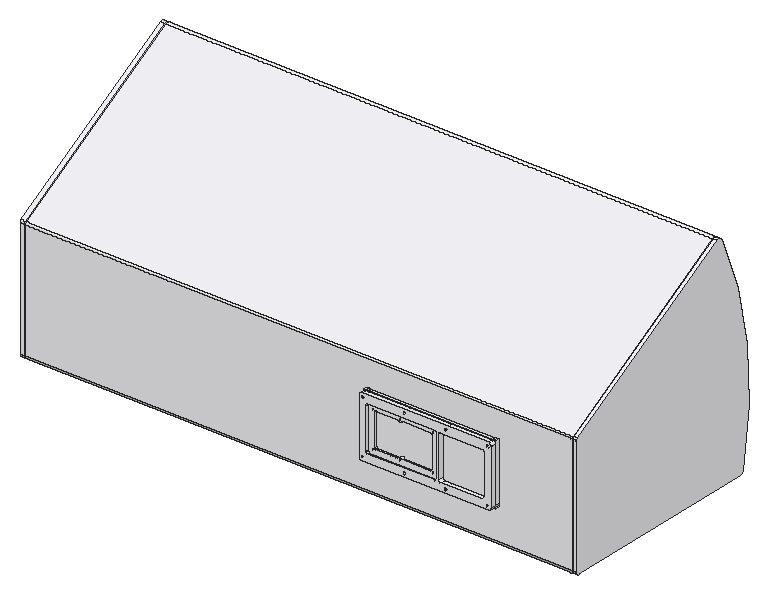
Revit family "EVU-2082", category Communication Devices, Revit 2017 (continued)
Definition of nested family "InputPanel_small"
  Lines and regions (mm)
    model lines, not visible
      curve 387: line (58.568, -9.5, 64.914) -> (58.11, -9.5, 65.752)
      curve 388: line (58.11, -9.5, 65.752) -> (57.423, -9.5, 66.311)
      curve 389: line (57.423, -9.5, 66.311) -> (56.614, -9.5, 66.508)
      curve 390: line (56.614, -9.5, 66.508) -> (55.805, -9.5, 66.311)
      curve 391: line (55.805, -9.5, 66.311) -> (55.118, -9.5, 65.751)
      curve 392: line (55.118, -9.5, 65.751) -> (54.664, -9.5, 64.92)
      curve 393: line (54.66, -9.5, 64.914) -> (54.376, -9.5, 63.925)
      curve 394: line (54.376, -9.5, 63.925) -> (53.684, -9.5, 63.925)
      curve 395: line (53.684, -9.5, 63.925) -> (51.566, -9.5, 63.925)
      curve 396: line (51.566, -9.5, 63.925) -> (51.567, -9.5, 70.15)
      curve 397: line (54.497, -9.5, 82.844) -> (54.658, -9.5, 81.856)
      curve 398: line (54.658, -9.5, 81.856) -> (55.117, -9.5, 81.019)
      curve 399: line (55.117, -9.5, 81.019) -> (55.803, -9.5, 80.459)
      curve 400: line (55.803, -9.5, 80.459) -> (56.612, -9.5, 80.263)
      curve 401: line (56.612, -9.5, 80.263) -> (57.422, -9.5, 80.459)
      curve 402: line (57.422, -9.5, 80.459) -> (58.108, -9.5, 81.019)
      curve 403: line (58.108, -9.5, 81.019) -> (58.566, -9.5, 81.857)
      curve 404: line (58.566, -9.5, 81.857) -> (58.727, -9.5, 82.845)
      curve 405: line (58.727, -9.5, 82.845) -> (58.566, -9.5, 83.833)
      curve 406: line (58.566, -9.5, 83.833) -> (58.107, -9.5, 84.671)
      curve 407: line (58.107, -9.5, 84.671) -> (57.421, -9.5, 85.23)
      curve 408: line (57.421, -9.5, 85.23) -> (56.612, -9.5, 85.427)
      curve 409: line (56.612, -9.5, 85.427) -> (55.802, -9.5, 85.23)
      curve 410: line (55.802, -9.5, 85.23) -> (55.116, -9.5, 84.67)
      curve 411: line (55.116, -9.5, 84.67) -> (54.661, -9.5, 83.839)
      curve 412: line (54.658, -9.5, 83.833) -> (54.374, -9.5, 82.844)
      curve 413: line (54.374, -9.5, 82.844) -> (53.682, -9.5, 82.844)
      curve 414: line (53.682, -9.5, 82.844) -> (51.565, -9.5, 82.844)
      curve 415: line (51.565, -9.5, 82.844) -> (51.565, -9.5, 85.997)
      curve 416: line (54.498, -9.5, 70.232) -> (54.66, -9.5, 69.244)
      curve 417: line (54.66, -9.5, 69.244) -> (55.118, -9.5, 68.406)
      curve 418: line (55.118, -9.5, 68.406) -> (55.804, -9.5, 67.846)
      curve 419: line (55.804, -9.5, 67.846) -> (56.614, -9.5, 67.65)
      curve 420: line (56.614, -9.5, 67.65) -> (57.423, -9.5, 67.847)
      curve 421: line (57.423, -9.5, 67.847) -> (58.109, -9.5, 68.406)
      curve 422: line (58.109, -9.5, 68.406) -> (58.568, -9.5, 69.244)
      curve 423: line (58.568, -9.5, 69.244) -> (58.729, -9.5, 70.232)
      curve 424: line (58.729, -9.5, 70.232) -> (58.568, -9.5, 71.22)
      curve 425: line (58.568, -9.5, 71.22) -> (58.109, -9.5, 72.058)
      curve 426: line (58.109, -9.5, 72.058) -> (57.423, -9.5, 72.618)
      curve 427: line (57.423, -9.5, 72.618) -> (56.613, -9.5, 72.814)
      curve 428: line (56.613, -9.5, 72.814) -> (55.804, -9.5, 72.617)
      curve 429: line (55.804, -9.5, 72.617) -> (55.118, -9.5, 72.058)
      curve 430: line (55.118, -9.5, 72.058) -> (54.663, -9.5, 71.227)
      curve 431: line (54.659, -9.5, 71.22) -> (54.376, -9.5, 70.232)
      curve 432: line (54.376, -9.5, 70.232) -> (53.684, -9.5, 70.232)
      curve 433: line (53.684, -9.5, 70.232) -> (51.566, -9.5, 70.231)
      curve 434: line (51.566, -9.5, 70.231) -> (51.567, -9.5, 76.427)
      curve 435: line (57.428, -9.5, 60.773) -> (57.64, -9.5, 60.773)
      curve 436: line (57.64, -9.5, 60.773) -> (57.64, -9.5, 61.116)
      curve 437: line (57.561, -9.5, 61.254) -> (57.428, -9.5, 61.38)
      curve 438: line (57.428, -9.5, 61.38) -> (57.428, -9.5, 60.773)
      curve 439: line (57.428, -9.5, 60.773) -> (55.801, -9.5, 60.772)
      curve 440: line (55.801, -9.5, 60.772) -> (55.801, -9.5, 61.379)
      curve 441: line (55.8, -9.5, 67.687) -> (55.8, -9.5, 66.472)
      curve 442: line (55.8, -9.5, 73.992) -> (55.8, -9.5, 72.777)
      curve 443: line (55.799, -9.5, 80.299) -> (55.799, -9.5, 79.084)
      curve 444: line (57.425, -9.5, 85.998) -> (57.637, -9.5, 85.998)
      curve 445: line (57.637, -9.5, 85.998) -> (57.637, -9.5, 85.632)
      curve 446: line (57.558, -9.5, 85.516) -> (57.425, -9.5, 85.39)
      curve 447: line (57.425, -9.5, 85.39) -> (57.425, -9.5, 85.998)
      curve 448: line (57.425, -9.5, 85.998) -> (55.798, -9.5, 85.998)
      curve 449: line (55.798, -9.5, 85.998) -> (55.798, -9.5, 85.39)
      curve 450: line (57.638, -9.5, 80.036) -> (57.634, -9.5, 79.358)
      curve 451: line (57.559, -9.5, 79.211) -> (57.426, -9.5, 79.085)
      curve 452: line (57.426, -9.5, 79.085) -> (57.426, -9.5, 80.3)
      curve 453: line (57.426, -9.5, 80.3) -> (57.559, -9.5, 80.173)
      curve 454: line (57.427, -9.5, 73.992) -> (57.427, -9.5, 72.777)
      curve 455: line (57.427, -9.5, 72.777) -> (57.56, -9.5, 72.903)
      curve 456: line (57.638, -9.5, 73.019) -> (57.638, -9.5, 73.728)
      curve 457: line (57.56, -9.5, 73.866) -> (57.427, -9.5, 73.992)
      curve 458: line (57.639, -9.5, 67.423) -> (57.636, -9.5, 66.745)
      curve 459: line (57.561, -9.5, 66.598) -> (57.428, -9.5, 66.472)
      curve 460: line (57.428, -9.5, 66.472) -> (57.427, -9.5, 67.687)
      curve 461: line (57.427, -9.5, 67.687) -> (57.561, -9.5, 67.561)
      curve 462: line (52.991, -9.5, 73.096) -> (55.108, -9.5, 73.096)
      curve 463: line (55.108, -9.5, 73.096) -> (55.108, -9.5, 73.673)
      curve 464: line (55.108, -9.5, 73.673) -> (52.991, -9.5, 73.672)
      curve 465: line (52.991, -9.5, 73.672) -> (52.991, -9.5, 73.096)
      curve 466: line (52.99, -9.5, 79.403) -> (52.99, -9.5, 79.98)
      curve 467: line (52.99, -9.5, 79.98) -> (55.107, -9.5, 79.98)
      curve 468: line (55.107, -9.5, 79.98) -> (55.107, -9.5, 79.404)
      curve 469: line (55.107, -9.5, 79.404) -> (52.99, -9.5, 79.403)
      curve 470: line (52.991, -9.5, 66.791) -> (52.991, -9.5, 67.367)
      curve 471: line (52.991, -9.5, 67.367) -> (55.109, -9.5, 67.367)
      curve 472: line (55.109, -9.5, 67.367) -> (55.109, -9.5, 66.791)
      curve 473: line (55.109, -9.5, 66.791) -> (52.991, -9.5, 66.791)
      curve 474: line (55.107, -9.5, 85.998) -> (52.989, -9.5, 85.997)
      curve 475: line (52.989, -9.5, 85.997) -> (52.989, -9.5, 85.709)
      curve 476: line (52.989, -9.5, 85.709) -> (55.107, -9.5, 85.709)
      curve 477: line (55.107, -9.5, 85.709) -> (55.107, -9.5, 85.998)
      curve 478: line (55.107, -9.5, 85.998) -> (55.798, -9.5, 85.998)
      curve 479: line (55.801, -9.5, 60.772) -> (55.11, -9.5, 60.772)
      curve 480: line (55.11, -9.5, 60.772) -> (55.11, -9.5, 61.06)
      curve 481: line (55.11, -9.5, 61.06) -> (52.992, -9.5, 61.06)
      curve 482: line (52.992, -9.5, 61.06) -> (52.992, -9.5, 60.772)
      curve 483: line (52.992, -9.5, 60.772) -> (55.11, -9.5, 60.772)
      curve 484: line (54.504, -9.5, 76.743) -> (56.298, -9.5, 74.554)
      curve 485: line (56.298, -9.5, 74.554) -> (55.807, -9.5, 74.222)
      curve 486: line (54.503, -9.5, 83.049) -> (56.297, -9.5, 80.86)
      curve 487: line (56.297, -9.5, 80.86) -> (55.806, -9.5, 80.528)
      curve 488: line (54.531, -9.5, 76.998) -> (56.131, -9.5, 75.046)
      curve 489: line (56.131, -9.5, 75.046) -> (56.7, -9.5, 75.046)
      curve 490: line (56.7, -9.5, 75.046) -> (54.662, -9.5, 77.533)
      curve 491: line (54.531, -9.5, 83.304) -> (56.13, -9.5, 81.352)
      curve 492: line (56.13, -9.5, 81.352) -> (56.699, -9.5, 81.352)
      curve 493: line (56.699, -9.5, 81.352) -> (54.661, -9.5, 83.839)
      curve 494: line (54.505, -9.5, 70.437) -> (56.298, -9.5, 68.248)
      curve 495: line (56.298, -9.5, 68.248) -> (55.807, -9.5, 67.915)
      curve 496: line (54.506, -9.5, 64.13) -> (56.299, -9.5, 61.942)
      curve 497: line (56.299, -9.5, 61.942) -> (55.808, -9.5, 61.609)
      curve 498: line (54.533, -9.5, 64.385) -> (56.132, -9.5, 62.433)
      curve 499: line (56.132, -9.5, 62.433) -> (56.702, -9.5, 62.433)
      curve 500: line (56.702, -9.5, 62.433) -> (54.664, -9.5, 64.92)
      curve 501: line (54.532, -9.5, 70.691) -> (56.131, -9.5, 68.739)
      curve 502: line (56.131, -9.5, 68.739) -> (56.701, -9.5, 68.739)
      curve 503: line (56.701, -9.5, 68.739) -> (54.663, -9.5, 71.227)
      curve 504: line (51.568, -9.5, 63.815) -> (51.568, -9.5, 60.772)
      curve 505: line (51.568, -9.5, 60.772) -> (46.145, -9.5, 60.771)
      curve 506: line (46.145, -9.5, 60.771) -> (46.141, -9.5, 85.996)
      curve 507: line (46.141, -9.5, 85.996) -> (51.565, -9.5, 85.997)
      curve 508: line (51.565, -9.5, 85.997) -> (52.989, -9.5, 85.997)
      curve 509: line (52.989, -9.5, 85.997) -> (49.876, -9.5, 86.125)
      curve 510: line (49.876, -9.5, 86.125) -> (49.754, -9.5, 86.302)
      curve 511: line (52.992, -9.5, 60.772) -> (51.568, -9.5, 60.772)
      curve 512: line (45.361, -9.5, 79.392) -> (45.362, -9.5, 73.88)
      curve 513: line (45.362, -9.5, 73.88) -> (41.147, -9.5, 73.88)
      curve 514: line (41.147, -9.5, 73.88) -> (41.146, -9.5, 79.392)
      curve 515: line (41.146, -9.5, 79.392) -> (45.361, -9.5, 79.392)
      curve 516: line (41.146, -9.5, 79.988) -> (41.145, -9.5, 85.499)
      curve 517: line (41.145, -9.5, 85.499) -> (45.36, -9.5, 85.5)
      curve 518: line (45.36, -9.5, 85.5) -> (45.361, -9.5, 79.988)
      curve 519: line (45.361, -9.5, 79.988) -> (41.146, -9.5, 79.988)
      curve 520: line (45.819, -9.5, 60.771) -> (45.816, -9.5, 85.996)
      curve 521: line (45.816, -9.5, 85.996) -> (40.689, -9.5, 85.996)
      curve 522: line (40.689, -9.5, 85.996) -> (40.692, -9.5, 60.771)
      curve 523: line (40.692, -9.5, 60.771) -> (45.819, -9.5, 60.771)
      curve 524: line (45.819, -9.5, 60.771) -> (46.145, -9.5, 60.771)
      curve 525: line (45.363, -9.5, 66.78) -> (45.363, -9.5, 61.268)
      curve 526: line (45.363, -9.5, 61.268) -> (41.148, -9.5, 61.267)
      curve 527: line (41.148, -9.5, 61.267) -> (41.147, -9.5, 66.779)
      curve 528: line (41.147, -9.5, 66.779) -> (45.363, -9.5, 66.78)
      curve 529: line (41.147, -9.5, 67.375) -> (41.147, -9.5, 72.887)
      curve 530: line (41.147, -9.5, 72.887) -> (45.362, -9.5, 72.887)
      curve 531: line (45.362, -9.5, 72.887) -> (45.363, -9.5, 67.375)
      curve 532: line (45.363, -9.5, 67.375) -> (41.147, -9.5, 67.375)
      curve 533: line (45.816, -9.5, 85.996) -> (46.141, -9.5, 85.996)
      curve 534: line (46.141, -9.5, 85.996) -> (42.88, -9.5, 86.124)
      curve 535: line (42.88, -9.5, 86.124) -> (42.758, -9.5, 86.301)
      curve 536: line (42.758, -9.5, 86.301) -> (45.891, -9.5, 86.301)
      curve 537: line (45.891, -9.5, 86.301) -> (46.013, -9.5, 86.124)
      curve 538: line (45.361, -9.5, 78.225) -> (43.953, -9.5, 78.225)
      curve 539: line (43.953, -9.5, 78.225) -> (43.627, -9.5, 78.913)
      curve 540: line (43.627, -9.5, 78.913) -> (43.242, -9.5, 79.392)
      curve 541: line (45.363, -9.5, 65.613) -> (43.954, -9.5, 65.612)
      curve 542: line (43.954, -9.5, 65.612) -> (43.629, -9.5, 66.3)
      curve 543: line (43.629, -9.5, 66.3) -> (43.244, -9.5, 66.779)
      curve 544: line (45.362, -9.5, 68.542) -> (43.954, -9.5, 68.542)
      curve 545: line (43.954, -9.5, 68.542) -> (43.629, -9.5, 67.854)
      curve 546: line (43.629, -9.5, 67.854) -> (43.244, -9.5, 67.375)
      curve 547: line (45.361, -9.5, 81.155) -> (43.952, -9.5, 81.155)
      curve 548: line (43.952, -9.5, 81.155) -> (43.627, -9.5, 80.467)
      curve 549: line (43.627, -9.5, 80.467) -> (43.242, -9.5, 79.988)
      curve 550: line (45.362, -9.5, 71.919) -> (43.954, -9.5, 71.919)
      curve 551: line (43.954, -9.5, 71.919) -> (43.628, -9.5, 72.607)
      curve 552: line (43.628, -9.5, 72.607) -> (43.403, -9.5, 72.887)
      curve 553: line (45.361, -9.5, 84.532) -> (43.952, -9.5, 84.531)
      curve 554: line (43.952, -9.5, 84.531) -> (43.627, -9.5, 85.219)
      curve 555: line (43.627, -9.5, 85.219) -> (43.401, -9.5, 85.5)
      curve 556: line (45.362, -9.5, 74.849) -> (43.953, -9.5, 74.848)
      curve 557: line (43.953, -9.5, 74.848) -> (43.628, -9.5, 74.16)
      curve 558: line (43.403, -9.5, 73.88) -> (43.628, -9.5, 74.16)
      curve 559: line (43.628, -9.5, 74.16) -> (43.627, -9.5, 78.913)
      curve 560: line (45.363, -9.5, 62.236) -> (43.955, -9.5, 62.236)
      curve 561: line (43.955, -9.5, 62.236) -> (43.629, -9.5, 61.548)
      curve 562: line (43.629, -9.5, 61.548) -> (43.629, -9.5, 66.3)
      curve 563: line (43.404, -9.5, 61.267) -> (43.629, -9.5, 61.548)
      curve 564: line (43.954, -9.5, 68.542) -> (43.954, -9.5, 71.919)
      curve 565: line (43.952, -9.5, 81.155) -> (43.952, -9.5, 84.531)
      curve 566: line (43.954, -9.5, 65.612) -> (43.955, -9.5, 62.236)
      curve 567: line (43.953, -9.5, 78.225) -> (43.953, -9.5, 74.848)
      curve 568: line (45.891, -9.5, 86.301) -> (45.891, -9.5, 86.563)
      curve 569: line (45.891, -9.5, 86.563) -> (42.758, -9.5, 86.562)
      curve 570: line (42.758, -9.5, 86.562) -> (42.758, -9.5, 86.301)
      curve 571: line (45.891, -9.5, 86.563) -> (46.472, -9.5, 86.563)
      curve 572: line (46.472, -9.5, 86.563) -> (46.472, -9.5, 86.301)
      curve 573: line (46.472, -9.5, 86.301) -> (46.35, -9.5, 86.124)
      curve 574: line (42.244, -9.5, 79.988) -> (42.243, -9.5, 85.499)
      curve 575: line (42.246, -9.5, 67.375) -> (42.245, -9.5, 72.887)
      curve 576: line (42.246, -9.5, 61.267) -> (42.246, -9.5, 66.779)
      curve 577: line (42.245, -9.5, 73.88) -> (42.244, -9.5, 79.392)
      curve 578: line (43.629, -9.5, 67.854) -> (43.628, -9.5, 72.607)
      curve 579: line (43.627, -9.5, 80.467) -> (43.627, -9.5, 85.219)
      curve 580: line (52.887, -9.5, 86.302) -> (53.009, -9.5, 86.125)
      curve 581: line (52.887, -9.5, 86.563) -> (52.887, -9.5, 86.302)
      curve 582: line (52.887, -9.5, 86.302) -> (49.754, -9.5, 86.302)
      curve 583: line (49.754, -9.5, 86.302) -> (49.754, -9.5, 86.563)
      curve 584: line (49.754, -9.5, 86.563) -> (52.887, -9.5, 86.563)
      curve 585: line (52.887, -9.5, 86.563) -> (53.468, -9.5, 86.563)
      curve 586: line (53.468, -9.5, 86.563) -> (53.468, -9.5, 86.302)
      curve 587: line (53.468, -9.5, 86.302) -> (53.346, -9.5, 86.125)
      curve 588: line (78.97, -9.5, 60.972) -> (78.967, -9.5, 85.803)
      curve 589: line (78.912, -9.5, 85.748) -> (78.915, -9.5, 61.027)
      curve 590: line (77.958, -9.5, 86.812) -> (40.515, -9.5, 86.808)
      curve 591: line (40.57, -9.5, 86.753) -> (77.903, -9.5, 86.757)
      curve 592: line (39.506, -9.5, 85.799) -> (39.509, -9.5, 60.968)
      curve 593: line (39.509, -9.5, 60.97) -> (39.561, -9.5, 85.744)
      curve 594: line (40.518, -9.5, 59.959) -> (77.962, -9.5, 59.963)
      curve 595: line (77.907, -9.5, 60.018) -> (40.573, -9.5, 60.014)
      curve 596: line (61.368, -9.5, 70.233) -> (59.749, -9.5, 70.232)
      curve 597: line (59.749, -9.5, 70.232) -> (59.415, -9.5, 70.232)
      curve 598: line (61.369, -9.5, 63.926) -> (59.75, -9.5, 63.926)
      curve 599: line (59.75, -9.5, 63.926) -> (59.417, -9.5, 63.926)
      curve 600: line (61.367, -9.5, 76.539) -> (59.748, -9.5, 76.539)
      curve 601: line (59.748, -9.5, 76.539) -> (59.415, -9.5, 76.539)
      curve 602: line (61.367, -9.5, 82.845) -> (59.747, -9.5, 82.845)
      curve 603: line (59.747, -9.5, 82.845) -> (59.414, -9.5, 82.845)
      curve 604: line (57.109, -9.5, 76.538) -> (58.728, -9.5, 76.539)
      curve 605: line (58.728, -9.5, 76.539) -> (59.062, -9.5, 76.539)
      curve 606: line (57.108, -9.5, 82.845) -> (58.727, -9.5, 82.845)
      curve 607: line (58.727, -9.5, 82.845) -> (59.06, -9.5, 82.845)
      curve 608: line (57.109, -9.5, 70.232) -> (58.729, -9.5, 70.232)
      curve 609: line (58.729, -9.5, 70.232) -> (59.062, -9.5, 70.232)
      curve 610: line (57.11, -9.5, 63.926) -> (58.729, -9.5, 63.926)
      curve 611: line (58.729, -9.5, 63.926) -> (59.063, -9.5, 63.926)
    model lines
      curve 612: arc (-30.696, -4.337, 30.291) -> (-31.037, -4.337, 28.695) -> (-32.139, -4.337, 27.491) r 3.109
      curve 613: arc (-30.695, -4.337, 42.904) -> (-31.035, -4.337, 41.308) -> (-32.138, -4.337, 40.104) r 3.109
      curve 614: arc (-30.698, -4.337, 23.985) -> (-31.033, -4.337, 22.399) -> (-32.121, -4.337, 21.198) r 3.108
      curve 615: arc (-30.696, -4.337, 36.598) -> (-31.031, -4.337, 35.012) -> (-32.119, -4.337, 33.811) r 3.108
      curve 616: arc (-31.992, -4.337, 33.004) -> (-31.001, -4.337, 31.812) -> (-30.695, -4.337, 30.291) r 3.166
      curve 617: arc (-31.991, -4.337, 45.616) -> (-30.999, -4.337, 44.424) -> (-30.693, -4.337, 42.904) r 3.166
      curve 618: arc (-31.993, -4.337, 26.696) -> (-31.002, -4.337, 25.504) -> (-30.696, -4.337, 23.985) r 3.165
      curve 619: arc (-31.991, -4.337, 39.309) -> (-31.001, -4.337, 38.117) -> (-30.695, -4.337, 36.598) r 3.165
      curve 620: arc (-30.343, -4.337, 36.598) -> (-30.002, -4.337, 38.194) -> (-28.9, -4.337, 39.398) r 3.109
      curve 621: arc (-30.344, -4.337, 23.985) -> (-30.004, -4.337, 25.581) -> (-28.901, -4.337, 26.785) r 3.109
      curve 622: arc (-30.341, -4.337, 42.904) -> (-30.006, -4.337, 44.49) -> (-28.918, -4.337, 45.691) r 3.108
      curve 623: arc (-30.343, -4.337, 30.291) -> (-30.007, -4.337, 31.877) -> (-28.92, -4.337, 33.078) r 3.108
      curve 624: arc (-29.046, -4.337, 33.885) -> (-30.038, -4.337, 35.077) -> (-30.344, -4.337, 36.598) r 3.166
      curve 625: arc (-29.048, -4.337, 21.273) -> (-30.039, -4.337, 22.465) -> (-30.346, -4.337, 23.985) r 3.166
      curve 626: arc (-29.046, -4.337, 40.193) -> (-30.037, -4.337, 41.385) -> (-30.343, -4.337, 42.904) r 3.165
      curve 627: arc (-29.048, -4.337, 27.58) -> (-30.038, -4.337, 28.772) -> (-30.344, -4.337, 30.291) r 3.165
      curve 628: arc (-33.959, -4.337, 27.746) -> (-35.033, -4.337, 28.816) -> (-35.384, -4.337, 30.292) r 2.775
      curve 629: arc (-34.651, -4.337, 27.426) -> (-35.725, -4.337, 28.679) -> (-36.075, -4.337, 30.292) r 3.371
      curve 630: arc (-33.959, -4.337, 27.746) -> (-34.28, -4.337, 27.533) -> (-34.651, -4.337, 27.426) r 1.273
      curve 631: arc (-33.957, -4.337, 40.358) -> (-35.031, -4.337, 41.429) -> (-35.382, -4.337, 42.905) r 2.775
      curve 632: arc (-34.649, -4.337, 40.039) -> (-35.723, -4.337, 41.292) -> (-36.074, -4.337, 42.905) r 3.371
      curve 633: arc (-33.957, -4.337, 40.358) -> (-34.279, -4.337, 40.146) -> (-34.649, -4.337, 40.039) r 1.273
      curve 634: arc (-33.96, -4.337, 21.44) -> (-35.033, -4.337, 22.511) -> (-35.384, -4.337, 23.986) r 2.774
      curve 635: arc (-34.651, -4.337, 21.121) -> (-35.725, -4.337, 22.374) -> (-36.075, -4.337, 23.986) r 3.37
      curve 636: arc (-33.96, -4.337, 21.44) -> (-34.281, -4.337, 21.228) -> (-34.651, -4.337, 21.121) r 1.273
      curve 637: arc (-33.958, -4.337, 34.053) -> (-35.032, -4.337, 35.123) -> (-35.382, -4.337, 36.598) r 2.774
      curve 638: arc (-34.65, -4.337, 33.734) -> (-35.723, -4.337, 34.986) -> (-36.074, -4.337, 36.598) r 3.37
      curve 639: arc (-33.958, -4.337, 34.053) -> (-34.28, -4.337, 33.84) -> (-34.65, -4.337, 33.734) r 1.273
      curve 640: arc (-35.384, -4.337, 30.292) -> (-35.033, -4.337, 31.767) -> (-33.958, -4.337, 32.838) r 2.775
      curve 641: arc (-34.65, -4.337, 33.157) -> (-34.28, -4.337, 33.051) -> (-33.958, -4.337, 32.838) r 1.273
      curve 642: arc (-36.075, -4.337, 30.292) -> (-35.724, -4.337, 31.905) -> (-34.65, -4.337, 33.157) r 3.371
      curve 643: arc (-35.382, -4.337, 42.905) -> (-35.031, -4.337, 44.38) -> (-33.957, -4.337, 45.451) r 2.775
      curve 644: arc (-34.648, -4.337, 45.77) -> (-34.278, -4.337, 45.663) -> (-33.957, -4.337, 45.451) r 1.273
      curve 645: arc (-36.074, -4.337, 42.905) -> (-35.723, -4.337, 44.517) -> (-34.648, -4.337, 45.77) r 3.371
      curve 646: arc (-35.384, -4.337, 23.986) -> (-35.033, -4.337, 25.461) -> (-33.959, -4.337, 26.531) r 2.774
      curve 647: arc (-34.651, -4.337, 26.85) -> (-34.28, -4.337, 26.743) -> (-33.959, -4.337, 26.531) r 1.273
      curve 648: arc (-36.075, -4.337, 23.986) -> (-35.725, -4.337, 25.598) -> (-34.651, -4.337, 26.85) r 3.37
      curve 649: arc (-35.382, -4.337, 36.598) -> (-35.031, -4.337, 38.073) -> (-33.958, -4.337, 39.143) r 2.774
      curve 650: arc (-34.649, -4.337, 39.463) -> (-34.279, -4.337, 39.356) -> (-33.958, -4.337, 39.143) r 1.273
      curve 651: arc (-36.074, -4.337, 36.598) -> (-35.723, -4.337, 38.21) -> (-34.649, -4.337, 39.463) r 3.37
      curve 652: arc (-30.908, -4.337, 23.985) -> (-31.259, -4.337, 22.51) -> (-32.333, -4.337, 21.44) r 2.774
      curve 653: arc (-32.332, -4.337, 26.53) -> (-31.258, -4.337, 25.46) -> (-30.908, -4.337, 23.985) r 2.774
      curve 654: arc (-30.906, -4.337, 30.291) -> (-31.258, -4.337, 28.816) -> (-32.332, -4.337, 27.745) r 2.775
      curve 655: arc (-32.331, -4.337, 32.838) -> (-31.257, -4.337, 31.767) -> (-30.906, -4.337, 30.291) r 2.775
      curve 656: arc (-30.906, -4.337, 36.598) -> (-31.257, -4.337, 35.123) -> (-32.331, -4.337, 34.053) r 2.774
      curve 657: arc (-32.33, -4.337, 39.143) -> (-31.257, -4.337, 38.073) -> (-30.906, -4.337, 36.598) r 2.774
      curve 658: arc (-30.905, -4.337, 42.904) -> (-31.256, -4.337, 41.429) -> (-32.33, -4.337, 40.358) r 2.775
      curve 659: arc (-32.33, -4.337, 45.45) -> (-31.256, -4.337, 44.38) -> (-30.905, -4.337, 42.904) r 2.775
      curve 660: arc (-36.768, -4.337, 27.427) -> (-37.818, -4.337, 28.63) -> (-38.191, -4.337, 30.182) r 3.348
      curve 661: arc (-36.766, -4.337, 40.039) -> (-37.816, -4.337, 41.242) -> (-38.19, -4.337, 42.794) r 3.348
      curve 662: arc (-38.191, -4.337, 30.403) -> (-37.817, -4.337, 31.955) -> (-36.767, -4.337, 33.158) r 3.348
      curve 663: arc (-38.19, -4.337, 43.015) -> (-37.816, -4.337, 44.568) -> (-36.766, -4.337, 45.77) r 3.348
      curve 664: arc (-36.769, -4.337, 21.121) -> (-37.825, -4.337, 22.337) -> (-38.192, -4.337, 23.905) r 3.353
      curve 665: arc (-36.767, -4.337, 33.734) -> (-37.823, -4.337, 34.95) -> (-38.191, -4.337, 36.517) r 3.353
      curve 666: arc (-38.192, -4.337, 24.067) -> (-37.824, -4.337, 25.635) -> (-36.768, -4.337, 26.85) r 3.353
      curve 667: arc (-38.191, -4.337, 36.68) -> (-37.823, -4.337, 38.248) -> (-36.767, -4.337, 39.463) r 3.353
      curve 668: arc (-32.649, -4.337, 30.292) -> (-32.982, -4.337, 28.919) -> (-34.009, -4.337, 27.951) r 2.482
      curve 669: arc (-32.65, -4.337, 23.985) -> (-32.983, -4.337, 22.613) -> (-34.01, -4.337, 21.644) r 2.482
      curve 670: arc (-33.058, -4.337, 25.478) -> (-32.751, -4.337, 24.76) -> (-32.65, -4.337, 23.985) r 2.857
      curve 671: arc (-33.734, -4.337, 25.636) -> (-33.68, -4.337, 25.558) -> (-33.628, -4.337, 25.478) r 2.446
      curve 672: arc (-33.058, -4.337, 31.784) -> (-32.75, -4.337, 31.066) -> (-32.649, -4.337, 30.292) r 2.857
      curve 673: arc (-33.733, -4.337, 31.942) -> (-33.679, -4.337, 31.864) -> (-33.627, -4.337, 31.784) r 2.446
      curve 674: arc (-32.649, -4.337, 36.598) -> (-32.981, -4.337, 35.226) -> (-34.008, -4.337, 34.257) r 2.482
      curve 675: arc (-32.648, -4.337, 42.904) -> (-32.98, -4.337, 41.532) -> (-34.008, -4.337, 40.563) r 2.482
      curve 676: arc (-33.057, -4.337, 38.091) -> (-32.75, -4.337, 37.372) -> (-32.649, -4.337, 36.598) r 2.857
      curve 677: arc (-33.733, -4.337, 38.249) -> (-33.678, -4.337, 38.171) -> (-33.626, -4.337, 38.091) r 2.446
      curve 678: arc (-33.056, -4.337, 44.397) -> (-32.749, -4.337, 43.679) -> (-32.648, -4.337, 42.904) r 2.857
      curve 679: arc (-33.732, -4.337, 44.555) -> (-33.677, -4.337, 44.477) -> (-33.626, -4.337, 44.397) r 2.446
      curve 680: arc (-27.08, -4.337, 39.143) -> (-26.006, -4.337, 38.073) -> (-25.655, -4.337, 36.597) r 2.775
      curve 681: arc (-26.388, -4.337, 39.463) -> (-25.314, -4.337, 38.21) -> (-24.964, -4.337, 36.597) r 3.371
      curve 682: arc (-27.08, -4.337, 39.143) -> (-26.759, -4.337, 39.356) -> (-26.388, -4.337, 39.463) r 1.273
      curve 683: arc (-27.082, -4.337, 26.531) -> (-26.007, -4.337, 25.46) -> (-25.657, -4.337, 23.984) r 2.775
      curve 684: arc (-26.39, -4.337, 26.85) -> (-25.316, -4.337, 25.597) -> (-24.965, -4.337, 23.984) r 3.371
      curve 685: arc (-27.082, -4.337, 26.531) -> (-26.76, -4.337, 26.743) -> (-26.39, -4.337, 26.85) r 1.273
      curve 686: arc (-27.079, -4.337, 45.449) -> (-26.006, -4.337, 44.378) -> (-25.655, -4.337, 42.903) r 2.774
      curve 687: arc (-26.388, -4.337, 45.768) -> (-25.314, -4.337, 44.515) -> (-24.963, -4.337, 42.903) r 3.37
      curve 688: arc (-27.079, -4.337, 45.449) -> (-26.758, -4.337, 45.661) -> (-26.388, -4.337, 45.768) r 1.273
      curve 689: arc (-27.081, -4.337, 32.836) -> (-26.007, -4.337, 31.766) -> (-25.657, -4.337, 30.291) r 2.774
      curve 690: arc (-26.389, -4.337, 33.155) -> (-25.315, -4.337, 31.903) -> (-24.965, -4.337, 30.291) r 3.37
      curve 691: arc (-27.081, -4.337, 32.836) -> (-26.759, -4.337, 33.049) -> (-26.389, -4.337, 33.155) r 1.273
      curve 692: arc (-25.655, -4.337, 36.597) -> (-26.006, -4.337, 35.122) -> (-27.081, -4.337, 34.051) r 2.775
      curve 693: arc (-26.389, -4.337, 33.732) -> (-26.759, -4.337, 33.838) -> (-27.081, -4.337, 34.051) r 1.273
      curve 694: arc (-24.964, -4.337, 36.597) -> (-25.315, -4.337, 34.984) -> (-26.389, -4.337, 33.732) r 3.371
      curve 695: arc (-25.657, -4.337, 23.984) -> (-26.008, -4.337, 22.509) -> (-27.082, -4.337, 21.438) r 2.775
      curve 696: arc (-26.391, -4.337, 21.119) -> (-26.761, -4.337, 21.226) -> (-27.082, -4.337, 21.438) r 1.273
      curve 697: arc (-24.965, -4.337, 23.984) -> (-25.316, -4.337, 22.372) -> (-26.391, -4.337, 21.119) r 3.371
      curve 698: arc (-25.655, -4.337, 42.903) -> (-26.006, -4.337, 41.429) -> (-27.08, -4.337, 40.358) r 2.774
      curve 699: arc (-26.388, -4.337, 40.039) -> (-26.759, -4.337, 40.146) -> (-27.08, -4.337, 40.358) r 1.273
      curve 700: arc (-24.963, -4.337, 42.903) -> (-25.314, -4.337, 41.291) -> (-26.388, -4.337, 40.039) r 3.37
      curve 701: arc (-25.657, -4.337, 30.291) -> (-26.008, -4.337, 28.816) -> (-27.081, -4.337, 27.746) r 2.774
      curve 702: arc (-26.39, -4.337, 27.426) -> (-26.76, -4.337, 27.533) -> (-27.081, -4.337, 27.746) r 1.273
      curve 703: arc (-24.965, -4.337, 30.291) -> (-25.316, -4.337, 28.679) -> (-26.39, -4.337, 27.426) r 3.37
      curve 704: arc (-30.131, -4.337, 42.904) -> (-29.78, -4.337, 44.379) -> (-28.706, -4.337, 45.449) r 2.774
      curve 705: arc (-28.707, -4.337, 40.359) -> (-29.78, -4.337, 41.429) -> (-30.131, -4.337, 42.904) r 2.774
      curve 706: arc (-30.133, -4.337, 36.598) -> (-29.781, -4.337, 38.073) -> (-28.707, -4.337, 39.144) r 2.775
      curve 707: arc (-28.708, -4.337, 34.051) -> (-29.782, -4.337, 35.122) -> (-30.133, -4.337, 36.598) r 2.775
      curve 708: arc (-30.133, -4.337, 30.291) -> (-29.782, -4.337, 31.766) -> (-28.708, -4.337, 32.836) r 2.774
      curve 709: arc (-28.708, -4.337, 27.746) -> (-29.782, -4.337, 28.816) -> (-30.133, -4.337, 30.291) r 2.774
      curve 710: arc (-30.134, -4.337, 23.985) -> (-29.783, -4.337, 25.46) -> (-28.709, -4.337, 26.531) r 2.775
      curve 711: arc (-28.709, -4.337, 21.439) -> (-29.783, -4.337, 22.509) -> (-30.134, -4.337, 23.985) r 2.775
      curve 712: arc (-24.271, -4.337, 39.462) -> (-23.221, -4.337, 38.26) -> (-22.848, -4.337, 36.707) r 3.348
      curve 713: arc (-24.272, -4.337, 26.85) -> (-23.223, -4.337, 25.647) -> (-22.849, -4.337, 24.095) r 3.348
      curve 714: arc (-22.848, -4.337, 36.486) -> (-23.222, -4.337, 34.934) -> (-24.272, -4.337, 33.731) r 3.348
      curve 715: arc (-22.849, -4.337, 23.874) -> (-23.223, -4.337, 22.321) -> (-24.273, -4.337, 21.119) r 3.348
      curve 716: arc (-24.27, -4.337, 45.768) -> (-23.214, -4.337, 44.552) -> (-22.847, -4.337, 42.984) r 3.353
      curve 717: arc (-24.272, -4.337, 33.155) -> (-23.216, -4.337, 31.939) -> (-22.848, -4.337, 30.372) r 3.353
      curve 718: arc (-22.847, -4.337, 42.822) -> (-23.215, -4.337, 41.254) -> (-24.271, -4.337, 40.039) r 3.353
      curve 719: arc (-22.848, -4.337, 30.209) -> (-23.216, -4.337, 28.641) -> (-24.272, -4.337, 27.426) r 3.353
      curve 720: arc (-28.389, -4.337, 42.904) -> (-28.056, -4.337, 44.276) -> (-27.029, -4.337, 45.245) r 2.482
      curve 721: arc (-28.39, -4.337, 36.597) -> (-28.057, -4.337, 37.97) -> (-27.03, -4.337, 38.938) r 2.482
      curve 722: arc (-27.981, -4.337, 35.105) -> (-28.288, -4.337, 35.823) -> (-28.39, -4.337, 36.597) r 2.857
      curve 723: arc (-27.306, -4.337, 34.947) -> (-27.36, -4.337, 35.025) -> (-27.412, -4.337, 35.105) r 2.446
      curve 724: arc (-27.981, -4.337, 41.411) -> (-28.288, -4.337, 42.129) -> (-28.389, -4.337, 42.904) r 2.857
      curve 725: arc (-27.305, -4.337, 41.253) -> (-27.359, -4.337, 41.331) -> (-27.411, -4.337, 41.411) r 2.446
      curve 726: arc (-28.39, -4.337, 30.291) -> (-28.058, -4.337, 31.663) -> (-27.031, -4.337, 32.632) r 2.482
      curve 727: arc (-28.391, -4.337, 23.985) -> (-28.058, -4.337, 25.357) -> (-27.031, -4.337, 26.326) r 2.482
      curve 728: arc (-27.983, -4.337, 22.492) -> (-28.29, -4.337, 23.21) -> (-28.391, -4.337, 23.985) r 2.857
      curve 729: arc (-27.307, -4.337, 22.334) -> (-27.362, -4.337, 22.412) -> (-27.413, -4.337, 22.492) r 2.446
      curve 730: arc (-27.982, -4.337, 28.799) -> (-28.289, -4.337, 29.517) -> (-28.39, -4.337, 30.291) r 2.857
      curve 731: arc (-27.306, -4.337, 28.64) -> (-27.361, -4.337, 28.718) -> (-27.412, -4.337, 28.798) r 2.446
      curve 732: spline (-49.243, -4.337, 20.022) -> (-49.374, -4.337, 20.031) -> (-49.504, -4.337, 20.057) -> (-49.629, -4.337, 20.099) -> (-49.747, -4.337, 20.158) -> (-49.857, -4.337, 20.231) -> (-49.956, -4.337, 20.318) -> (-50.043, -4.337, 20.417) -> (-50.116, -4.337, 20.527) -> (-50.175, -4.337, 20.645) -> (-50.217, -4.337, 20.77) -> (-50.243, -4.337, 20.9) -> (-50.251, -4.337, 21.031)
      curve 733: spline (-50.248, -4.337, 45.862) -> (-50.24, -4.337, 45.994) -> (-50.214, -4.337, 46.124) -> (-50.172, -4.337, 46.249) -> (-50.113, -4.337, 46.367) -> (-50.04, -4.337, 46.477) -> (-49.953, -4.337, 46.576) -> (-49.854, -4.337, 46.663) -> (-49.744, -4.337, 46.736) -> (-49.626, -4.337, 46.794) -> (-49.501, -4.337, 46.837) -> (-49.371, -4.337, 46.863) -> (-49.239, -4.337, 46.871)
      curve 734: spline (-11.796, -4.337, 46.867) -> (-11.664, -4.337, 46.858) -> (-11.535, -4.337, 46.832) -> (-11.41, -4.337, 46.79) -> (-11.291, -4.337, 46.731) -> (-11.182, -4.337, 46.658) -> (-11.082, -4.337, 46.571) -> (-10.995, -4.337, 46.472) -> (-10.922, -4.337, 46.362) -> (-10.864, -4.337, 46.244) -> (-10.821, -4.337, 46.119) -> (-10.796, -4.337, 45.989) -> (-10.787, -4.337, 45.858)
      curve 735: spline (-10.79, -4.337, 21.029) -> (-10.798, -4.337, 20.897) -> (-10.824, -4.337, 20.767) -> (-10.866, -4.337, 20.642) -> (-10.925, -4.337, 20.523) -> (-10.998, -4.337, 20.413) -> (-11.085, -4.337, 20.314) -> (-11.184, -4.337, 20.227) -> (-11.294, -4.337, 20.153) -> (-11.412, -4.337, 20.095) -> (-11.538, -4.337, 20.052) -> (-11.667, -4.337, 20.026) -> (-11.799, -4.337, 20.018)
      curve 736: spline (-11.851, -4.337, 46.812) -> (-11.719, -4.337, 46.803) -> (-11.59, -4.337, 46.777) -> (-11.465, -4.337, 46.735) -> (-11.346, -4.337, 46.676) -> (-11.237, -4.337, 46.603) -> (-11.137, -4.337, 46.516) -> (-11.05, -4.337, 46.417) -> (-10.977, -4.337, 46.307) -> (-10.919, -4.337, 46.189) -> (-10.876, -4.337, 46.064) -> (-10.851, -4.337, 45.934) -> (-10.842, -4.337, 45.803)
      curve 737: spline (-10.845, -4.337, 21.082) -> (-10.854, -4.337, 20.95) -> (-10.879, -4.337, 20.82) -> (-10.922, -4.337, 20.696) -> (-10.98, -4.337, 20.577) -> (-11.054, -4.337, 20.467) -> (-11.141, -4.337, 20.368) -> (-11.24, -4.337, 20.281) -> (-11.35, -4.337, 20.208) -> (-11.468, -4.337, 20.15) -> (-11.593, -4.337, 20.107) -> (-11.722, -4.337, 20.081) -> (-11.854, -4.337, 20.073)
      curve 738: spline (-50.193, -4.337, 45.807) -> (-50.185, -4.337, 45.939) -> (-50.159, -4.337, 46.069) -> (-50.117, -4.337, 46.194) -> (-50.058, -4.337, 46.312) -> (-49.985, -4.337, 46.422) -> (-49.898, -4.337, 46.521) -> (-49.799, -4.337, 46.608) -> (-49.689, -4.337, 46.681) -> (-49.571, -4.337, 46.739) -> (-49.446, -4.337, 46.782) -> (-49.316, -4.337, 46.808) -> (-49.184, -4.337, 46.816)
      curve 739: spline (-49.188, -4.337, 20.077) -> (-49.319, -4.337, 20.086) -> (-49.449, -4.337, 20.112) -> (-49.574, -4.337, 20.154) -> (-49.692, -4.337, 20.213) -> (-49.802, -4.337, 20.286) -> (-49.901, -4.337, 20.373) -> (-49.988, -4.337, 20.472) -> (-50.061, -4.337, 20.582) -> (-50.12, -4.337, 20.7) -> (-50.162, -4.337, 20.825) -> (-50.188, -4.337, 20.955) -> (-50.196, -4.337, 21.086)
      curve 740: line (-35.26, -4.337, 30.292) -> (-35.099, -4.337, 31.28)
      curve 741: line (-35.099, -4.337, 31.28) -> (-34.641, -4.337, 32.118)
      curve 742: line (-34.641, -4.337, 32.118) -> (-33.954, -4.337, 32.677)
      curve 743: line (-33.954, -4.337, 32.677) -> (-33.145, -4.337, 32.874)
      curve 744: line (-33.145, -4.337, 32.874) -> (-32.335, -4.337, 32.677)
      curve 745: line (-32.335, -4.337, 32.677) -> (-31.649, -4.337, 32.117)
      curve 746: line (-31.649, -4.337, 32.117) -> (-31.191, -4.337, 31.28)
      curve 747: line (-31.191, -4.337, 31.28) -> (-31.03, -4.337, 30.291)
      curve 748: line (-31.03, -4.337, 30.291) -> (-31.191, -4.337, 29.303)
      curve 749: line (-31.191, -4.337, 29.303) -> (-31.65, -4.337, 28.466)
      curve 750: line (-31.65, -4.337, 28.466) -> (-32.336, -4.337, 27.906)
      curve 751: line (-32.336, -4.337, 27.906) -> (-33.145, -4.337, 27.71)
      curve 752: line (-33.145, -4.337, 27.71) -> (-33.955, -4.337, 27.906)
      curve 753: line (-33.955, -4.337, 27.906) -> (-34.641, -4.337, 28.466)
      curve 754: line (-34.641, -4.337, 28.466) -> (-35.096, -4.337, 29.297)
      curve 755: line (-35.099, -4.337, 29.304) -> (-35.384, -4.337, 30.292)
      curve 756: line (-35.384, -4.337, 30.292) -> (-36.075, -4.337, 30.292)
      curve 757: line (-36.075, -4.337, 30.292) -> (-38.193, -4.337, 30.292)
      curve 758: line (-38.193, -4.337, 30.292) -> (-38.192, -4.337, 24.067)
      curve 759: line (-35.259, -4.337, 42.905) -> (-35.098, -4.337, 43.893)
      curve 760: line (-35.098, -4.337, 43.893) -> (-34.639, -4.337, 44.73)
      curve 761: line (-34.639, -4.337, 44.73) -> (-33.953, -4.337, 45.29)
      curve 762: line (-33.953, -4.337, 45.29) -> (-33.143, -4.337, 45.486)
      curve 763: line (-33.143, -4.337, 45.486) -> (-32.334, -4.337, 45.29)
      curve 764: line (-32.334, -4.337, 45.29) -> (-31.648, -4.337, 44.73)
      curve 765: line (-31.648, -4.337, 44.73) -> (-31.189, -4.337, 43.892)
      curve 766: line (-31.189, -4.337, 43.892) -> (-31.028, -4.337, 42.904)
      curve 767: line (-31.028, -4.337, 42.904) -> (-31.19, -4.337, 41.916)
      curve 768: line (-31.19, -4.337, 41.916) -> (-31.648, -4.337, 41.078)
      curve 769: line (-31.648, -4.337, 41.078) -> (-32.334, -4.337, 40.519)
      curve 770: line (-32.334, -4.337, 40.519) -> (-33.144, -4.337, 40.322)
      curve 771: line (-33.144, -4.337, 40.322) -> (-33.953, -4.337, 40.519)
      curve 772: line (-33.953, -4.337, 40.519) -> (-34.639, -4.337, 41.079)
      curve 773: line (-34.639, -4.337, 41.079) -> (-35.094, -4.337, 41.91)
      curve 774: line (-35.098, -4.337, 41.916) -> (-35.382, -4.337, 42.905)
      curve 775: line (-35.382, -4.337, 42.905) -> (-36.074, -4.337, 42.905)
      curve 776: line (-36.074, -4.337, 42.905) -> (-38.191, -4.337, 42.905)
      curve 777: line (-38.191, -4.337, 42.905) -> (-38.191, -4.337, 36.68)
      curve 778: line (-35.261, -4.337, 23.986) -> (-35.1, -4.337, 24.974)
      curve 779: line (-35.1, -4.337, 24.974) -> (-34.641, -4.337, 25.811)
      curve 780: line (-34.641, -4.337, 25.811) -> (-33.955, -4.337, 26.371)
      curve 781: line (-33.955, -4.337, 26.371) -> (-33.146, -4.337, 26.567)
      curve 782: line (-33.146, -4.337, 26.567) -> (-32.336, -4.337, 26.371)
      curve 783: line (-32.336, -4.337, 26.371) -> (-31.65, -4.337, 25.811)
      curve 784: line (-31.65, -4.337, 25.811) -> (-31.192, -4.337, 24.973)
      curve 785: line (-31.192, -4.337, 24.973) -> (-31.031, -4.337, 23.985)
      curve 786: line (-31.031, -4.337, 23.985) -> (-31.192, -4.337, 22.997)
      curve 787: line (-31.192, -4.337, 22.997) -> (-31.65, -4.337, 22.159)
      curve 788: line (-31.65, -4.337, 22.159) -> (-32.337, -4.337, 21.6)
      curve 789: line (-32.337, -4.337, 21.6) -> (-33.146, -4.337, 21.403)
      curve 790: line (-33.146, -4.337, 21.403) -> (-33.956, -4.337, 21.6)
      curve 791: line (-33.956, -4.337, 21.6) -> (-34.642, -4.337, 22.16)
      curve 792: line (-34.642, -4.337, 22.16) -> (-35.096, -4.337, 22.991)
      curve 793: line (-35.1, -4.337, 22.997) -> (-35.384, -4.337, 23.986)
      curve 794: line (-35.384, -4.337, 23.986) -> (-36.075, -4.337, 23.986)
      curve 795: line (-36.075, -4.337, 23.986) -> (-38.193, -4.337, 23.986)
      curve 796: line (-38.193, -4.337, 23.986) -> (-38.192, -4.337, 20.833)
      curve 797: line (-38.192, -4.337, 20.833) -> (-36.769, -4.337, 20.833)
      curve 798: line (-36.769, -4.337, 20.833) -> (-39.881, -4.337, 20.705)
      curve 799: line (-39.881, -4.337, 20.705) -> (-40.003, -4.337, 20.528)
      curve 800: line (-40.003, -4.337, 20.528) -> (-36.871, -4.337, 20.528)
      curve 801: line (-36.871, -4.337, 20.528) -> (-36.749, -4.337, 20.705)
      curve 802: line (-35.259, -4.337, 36.598) -> (-35.098, -4.337, 37.586)
      curve 803: line (-35.098, -4.337, 37.586) -> (-34.64, -4.337, 38.424)
      curve 804: line (-34.64, -4.337, 38.424) -> (-33.953, -4.337, 38.984)
      curve 805: line (-33.953, -4.337, 38.984) -> (-33.144, -4.337, 39.18)
      curve 806: line (-33.144, -4.337, 39.18) -> (-32.335, -4.337, 38.983)
      curve 807: line (-32.335, -4.337, 38.983) -> (-31.648, -4.337, 38.424)
      curve 808: line (-31.648, -4.337, 38.424) -> (-31.19, -4.337, 37.586)
      curve 809: line (-31.19, -4.337, 37.586) -> (-31.029, -4.337, 36.598)
      curve 810: line (-31.029, -4.337, 36.598) -> (-31.19, -4.337, 35.61)
      curve 811: line (-31.19, -4.337, 35.61) -> (-31.649, -4.337, 34.772)
      curve 812: line (-31.649, -4.337, 34.772) -> (-32.335, -4.337, 34.212)
      curve 813: line (-32.335, -4.337, 34.212) -> (-33.145, -4.337, 34.016)
      curve 814: line (-33.145, -4.337, 34.016) -> (-33.954, -4.337, 34.213)
      curve 815: line (-33.954, -4.337, 34.213) -> (-34.64, -4.337, 34.772)
      curve 816: line (-34.64, -4.337, 34.772) -> (-35.095, -4.337, 35.603)
      curve 817: line (-35.099, -4.337, 35.61) -> (-35.382, -4.337, 36.598)
      curve 818: line (-35.382, -4.337, 36.598) -> (-36.074, -4.337, 36.598)
      curve 819: line (-36.074, -4.337, 36.598) -> (-38.191, -4.337, 36.599)
      curve 820: line (-38.191, -4.337, 36.599) -> (-38.191, -4.337, 30.403)
      curve 821: line (-32.33, -4.337, 46.057) -> (-32.118, -4.337, 46.057)
      curve 822: line (-32.118, -4.337, 46.057) -> (-32.118, -4.337, 45.714)
      curve 823: line (-32.197, -4.337, 45.576) -> (-32.33, -4.337, 45.45)
      curve 824: line (-32.33, -4.337, 45.45) -> (-32.33, -4.337, 46.057)
      curve 825: line (-32.33, -4.337, 46.057) -> (-33.957, -4.337, 46.058)
      curve 826: line (-33.957, -4.337, 46.058) -> (-33.957, -4.337, 45.451)
      curve 827: line (-33.958, -4.337, 39.143) -> (-33.957, -4.337, 40.358)
      curve 828: line (-33.958, -4.337, 32.838) -> (-33.958, -4.337, 34.053)
      curve 829: line (-33.959, -4.337, 26.531) -> (-33.959, -4.337, 27.746)
      curve 830: line (-32.333, -4.337, 20.832) -> (-32.121, -4.337, 20.832)
      curve 831: line (-32.121, -4.337, 20.832) -> (-32.121, -4.337, 21.198)
      curve 832: line (-32.2, -4.337, 21.314) -> (-32.333, -4.337, 21.44)
      curve 833: line (-32.333, -4.337, 21.44) -> (-32.333, -4.337, 20.832)
      curve 834: line (-32.333, -4.337, 20.832) -> (-33.96, -4.337, 20.832)
      curve 835: line (-33.96, -4.337, 20.832) -> (-33.96, -4.337, 21.44)
      curve 836: line (-32.12, -4.337, 26.794) -> (-32.123, -4.337, 27.472)
      curve 837: line (-32.199, -4.337, 27.619) -> (-32.332, -4.337, 27.745)
      curve 838: line (-32.332, -4.337, 27.745) -> (-32.332, -4.337, 26.53)
      curve 839: line (-32.332, -4.337, 26.53) -> (-32.199, -4.337, 26.657)
      curve 840: line (-32.331, -4.337, 32.838) -> (-32.331, -4.337, 34.053)
      curve 841: line (-32.331, -4.337, 34.053) -> (-32.198, -4.337, 33.927)
      curve 842: line (-32.119, -4.337, 33.811) -> (-32.119, -4.337, 33.102)
      curve 843: line (-32.198, -4.337, 32.964) -> (-32.331, -4.337, 32.838)
      curve 844: line (-32.119, -4.337, 39.407) -> (-32.122, -4.337, 40.085)
      curve 845: line (-32.197, -4.337, 40.232) -> (-32.33, -4.337, 40.358)
      curve 846: line (-32.33, -4.337, 40.358) -> (-32.33, -4.337, 39.143)
      curve 847: line (-32.33, -4.337, 39.143) -> (-32.197, -4.337, 39.269)
      curve 848: line (-36.767, -4.337, 33.734) -> (-34.65, -4.337, 33.734)
      curve 849: line (-34.65, -4.337, 33.734) -> (-34.65, -4.337, 33.157)
      curve 850: line (-34.65, -4.337, 33.157) -> (-36.767, -4.337, 33.158)
      curve 851: line (-36.767, -4.337, 33.158) -> (-36.767, -4.337, 33.734)
      curve 852: line (-36.768, -4.337, 27.427) -> (-36.768, -4.337, 26.85)
      curve 853: line (-36.768, -4.337, 26.85) -> (-34.651, -4.337, 26.85)
      curve 854: line (-34.651, -4.337, 26.85) -> (-34.651, -4.337, 27.426)
      curve 855: line (-34.651, -4.337, 27.426) -> (-36.768, -4.337, 27.427)
      curve 856: line (-36.766, -4.337, 40.039) -> (-36.767, -4.337, 39.463)
      curve 857: line (-36.767, -4.337, 39.463) -> (-34.649, -4.337, 39.463)
      curve 858: line (-34.649, -4.337, 39.463) -> (-34.649, -4.337, 40.039)
      curve 859: line (-34.649, -4.337, 40.039) -> (-36.766, -4.337, 40.039)
      curve 860: line (-34.651, -4.337, 20.832) -> (-36.769, -4.337, 20.833)
      curve 861: line (-36.769, -4.337, 20.833) -> (-36.769, -4.337, 21.121)
      curve 862: line (-36.769, -4.337, 21.121) -> (-34.651, -4.337, 21.121)
      curve 863: line (-34.651, -4.337, 21.121) -> (-34.651, -4.337, 20.832)
      curve 864: line (-34.651, -4.337, 20.832) -> (-33.96, -4.337, 20.832)
      curve 865: line (-33.957, -4.337, 46.058) -> (-34.648, -4.337, 46.058)
      curve 866: line (-34.648, -4.337, 46.058) -> (-34.648, -4.337, 45.77)
      curve 867: line (-34.648, -4.337, 45.77) -> (-36.766, -4.337, 45.77)
      curve 868: line (-36.766, -4.337, 45.77) -> (-36.766, -4.337, 46.058)
      curve 869: line (-36.766, -4.337, 46.058) -> (-34.648, -4.337, 46.058)
      curve 870: line (-35.254, -4.337, 23.781) -> (-33.461, -4.337, 25.97)
      curve 871: line (-33.461, -4.337, 25.97) -> (-33.952, -4.337, 26.302)
      curve 872: line (-35.254, -4.337, 30.087) -> (-33.46, -4.337, 32.276)
      curve 873: line (-33.46, -4.337, 32.276) -> (-33.951, -4.337, 32.608)
      curve 874: line (-35.227, -4.337, 23.526) -> (-33.628, -4.337, 25.478)
      curve 875: line (-33.628, -4.337, 25.478) -> (-33.058, -4.337, 25.478)
      curve 876: line (-33.058, -4.337, 25.478) -> (-35.096, -4.337, 22.991)
      curve 877: line (-35.227, -4.337, 29.832) -> (-33.627, -4.337, 31.784)
      curve 878: line (-33.627, -4.337, 31.784) -> (-33.058, -4.337, 31.784)
      curve 879: line (-33.058, -4.337, 31.784) -> (-35.096, -4.337, 29.297)
      curve 880: line (-35.226, -4.337, 36.139) -> (-33.626, -4.337, 38.091)
      curve 881: line (-33.626, -4.337, 38.091) -> (-33.057, -4.337, 38.091)
      curve 882: line (-33.057, -4.337, 38.091) -> (-35.095, -4.337, 35.603)
      curve 883: line (-35.253, -4.337, 36.393) -> (-33.459, -4.337, 38.582)
      curve 884: line (-33.459, -4.337, 38.582) -> (-33.95, -4.337, 38.915)
      curve 885: line (-35.252, -4.337, 42.7) -> (-33.459, -4.337, 44.888)
      curve 886: line (-33.459, -4.337, 44.888) -> (-33.95, -4.337, 45.221)
      curve 887: line (-35.225, -4.337, 42.445) -> (-33.626, -4.337, 44.397)
      curve 888: line (-33.626, -4.337, 44.397) -> (-33.056, -4.337, 44.397)
      curve 889: line (-33.056, -4.337, 44.397) -> (-35.094, -4.337, 41.91)
      curve 890: line (-38.19, -4.337, 43.015) -> (-38.189, -4.337, 46.058)
      curve 891: line (-38.189, -4.337, 46.058) -> (-43.613, -4.337, 46.059)
      curve 892: line (-43.613, -4.337, 46.059) -> (-43.616, -4.337, 20.834)
      curve 893: line (-43.616, -4.337, 20.834) -> (-38.192, -4.337, 20.833)
      curve 894: line (-36.766, -4.337, 46.058) -> (-38.189, -4.337, 46.058)
      curve 895: line (-43.613, -4.337, 46.059) -> (-43.939, -4.337, 46.059)
      curve 896: line (-43.939, -4.337, 46.059) -> (-43.942, -4.337, 20.834)
      curve 897: line (-43.942, -4.337, 20.834) -> (-43.616, -4.337, 20.834)
      curve 898: line (-43.616, -4.337, 20.834) -> (-43.745, -4.337, 20.706)
      curve 899: line (-43.745, -4.337, 20.706) -> (-43.867, -4.337, 20.529)
      curve 900: line (-44.397, -4.337, 27.438) -> (-44.396, -4.337, 32.95)
      curve 901: line (-44.396, -4.337, 32.95) -> (-48.611, -4.337, 32.95)
      curve 902: line (-48.611, -4.337, 32.95) -> (-48.612, -4.337, 27.438)
      curve 903: line (-48.612, -4.337, 27.438) -> (-44.397, -4.337, 27.438)
      curve 904: line (-48.612, -4.337, 26.842) -> (-48.613, -4.337, 21.331)
      curve 905: line (-48.613, -4.337, 21.331) -> (-44.397, -4.337, 21.33)
      curve 906: line (-44.397, -4.337, 21.33) -> (-44.397, -4.337, 26.842)
      curve 907: line (-44.397, -4.337, 26.842) -> (-48.612, -4.337, 26.842)
      curve 908: line (-43.942, -4.337, 20.834) -> (-49.068, -4.337, 20.834)
      curve 909: line (-49.068, -4.337, 20.834) -> (-49.065, -4.337, 46.059)
      curve 910: line (-49.065, -4.337, 46.059) -> (-43.939, -4.337, 46.059)
      curve 911: line (-44.395, -4.337, 40.05) -> (-44.395, -4.337, 45.562)
      curve 912: line (-44.395, -4.337, 45.562) -> (-48.61, -4.337, 45.563)
      curve 913: line (-48.61, -4.337, 45.563) -> (-48.61, -4.337, 40.051)
      curve 914: line (-48.61, -4.337, 40.051) -> (-44.395, -4.337, 40.05)
      curve 915: line (-48.611, -4.337, 39.455) -> (-48.611, -4.337, 33.943)
      curve 916: line (-48.611, -4.337, 33.943) -> (-44.396, -4.337, 33.943)
      curve 917: line (-44.396, -4.337, 33.943) -> (-44.395, -4.337, 39.455)
      curve 918: line (-44.395, -4.337, 39.455) -> (-48.611, -4.337, 39.455)
      curve 919: line (-44.395, -4.337, 41.217) -> (-45.804, -4.337, 41.218)
      curve 920: line (-45.804, -4.337, 41.218) -> (-46.129, -4.337, 40.53)
      curve 921: line (-46.129, -4.337, 40.53) -> (-46.514, -4.337, 40.051)
      curve 922: line (-44.397, -4.337, 28.605) -> (-45.805, -4.337, 28.605)
      curve 923: line (-45.805, -4.337, 28.605) -> (-46.131, -4.337, 27.917)
      curve 924: line (-46.131, -4.337, 27.917) -> (-46.516, -4.337, 27.438)
      curve 925: line (-44.395, -4.337, 38.288) -> (-45.804, -4.337, 38.288)
      curve 926: line (-45.804, -4.337, 38.288) -> (-46.129, -4.337, 38.976)
      curve 927: line (-46.129, -4.337, 38.976) -> (-46.514, -4.337, 39.455)
      curve 928: line (-44.397, -4.337, 25.675) -> (-45.805, -4.337, 25.675)
      curve 929: line (-45.805, -4.337, 25.675) -> (-46.131, -4.337, 26.363)
      curve 930: line (-46.131, -4.337, 26.363) -> (-46.516, -4.337, 26.842)
      curve 931: line (-44.397, -4.337, 22.298) -> (-45.806, -4.337, 22.299)
      curve 932: line (-45.806, -4.337, 22.299) -> (-46.131, -4.337, 21.611)
      curve 933: line (-46.131, -4.337, 21.611) -> (-46.357, -4.337, 21.33)
      curve 934: line (-44.396, -4.337, 34.911) -> (-45.804, -4.337, 34.911)
      curve 935: line (-45.804, -4.337, 34.911) -> (-46.13, -4.337, 34.223)
      curve 936: line (-46.13, -4.337, 34.223) -> (-46.355, -4.337, 33.943)
      curve 937: line (-44.396, -4.337, 31.981) -> (-45.805, -4.337, 31.982)
      curve 938: line (-45.805, -4.337, 31.982) -> (-46.13, -4.337, 32.67)
      curve 939: line (-46.355, -4.337, 32.95) -> (-46.13, -4.337, 32.67)
      curve 940: line (-46.13, -4.337, 32.67) -> (-46.131, -4.337, 27.917)
      curve 941: line (-44.395, -4.337, 44.594) -> (-45.803, -4.337, 44.594)
      curve 942: line (-45.803, -4.337, 44.594) -> (-46.128, -4.337, 45.282)
      curve 943: line (-46.128, -4.337, 45.282) -> (-46.129, -4.337, 40.53)
      curve 944: line (-46.354, -4.337, 45.563) -> (-46.128, -4.337, 45.282)
      curve 945: line (-45.805, -4.337, 25.675) -> (-45.806, -4.337, 22.299)
      curve 946: line (-45.804, -4.337, 38.288) -> (-45.804, -4.337, 34.911)
      curve 947: line (-45.805, -4.337, 28.605) -> (-45.805, -4.337, 31.982)
      curve 948: line (-45.804, -4.337, 41.218) -> (-45.803, -4.337, 44.594)
      curve 949: line (-43.867, -4.337, 20.267) -> (-47, -4.337, 20.268)
      curve 950: line (-47, -4.337, 20.268) -> (-47, -4.337, 20.529)
      curve 951: line (-47, -4.337, 20.529) -> (-43.867, -4.337, 20.529)
      curve 952: line (-43.867, -4.337, 20.529) -> (-43.867, -4.337, 20.267)
      curve 953: line (-43.867, -4.337, 20.267) -> (-43.286, -4.337, 20.267)
      curve 954: line (-43.286, -4.337, 20.267) -> (-43.286, -4.337, 20.529)
      curve 955: line (-43.286, -4.337, 20.529) -> (-43.408, -4.337, 20.833)
      curve 956: line (-43.745, -4.337, 20.706) -> (-46.878, -4.337, 20.706)
      curve 957: line (-46.878, -4.337, 20.706) -> (-47, -4.337, 20.529)
      curve 958: line (-47.514, -4.337, 26.842) -> (-47.514, -4.337, 21.331)
      curve 959: line (-47.512, -4.337, 39.455) -> (-47.513, -4.337, 33.943)
      curve 960: line (-47.513, -4.337, 32.95) -> (-47.514, -4.337, 27.438)
      curve 961: line (-47.512, -4.337, 45.563) -> (-47.512, -4.337, 40.051)
      curve 962: line (-46.131, -4.337, 26.363) -> (-46.131, -4.337, 21.611)
      curve 963: line (-46.129, -4.337, 38.976) -> (-46.13, -4.337, 34.223)
      curve 964: line (-36.871, -4.337, 20.528) -> (-36.871, -4.337, 20.267)
      curve 965: line (-36.871, -4.337, 20.267) -> (-36.29, -4.337, 20.267)
      curve 966: line (-36.29, -4.337, 20.267) -> (-36.29, -4.337, 20.528)
      curve 967: line (-36.29, -4.337, 20.528) -> (-36.412, -4.337, 20.705)
      curve 968: line (-36.871, -4.337, 20.267) -> (-40.004, -4.337, 20.267)
      curve 969: line (-40.004, -4.337, 20.267) -> (-40.003, -4.337, 20.528)
      curve 970: line (-25.779, -4.337, 36.597) -> (-25.94, -4.337, 35.609)
      curve 971: line (-25.94, -4.337, 35.609) -> (-26.398, -4.337, 34.771)
      curve 972: line (-26.398, -4.337, 34.771) -> (-27.085, -4.337, 34.212)
      curve 973: line (-27.085, -4.337, 34.212) -> (-27.894, -4.337, 34.015)
      curve 974: line (-27.894, -4.337, 34.015) -> (-28.704, -4.337, 34.212)
      curve 975: line (-28.704, -4.337, 34.212) -> (-29.39, -4.337, 34.772)
      curve 976: line (-29.39, -4.337, 34.772) -> (-29.848, -4.337, 35.609)
      curve 977: line (-29.848, -4.337, 35.609) -> (-30.009, -4.337, 36.598)
      curve 978: line (-30.009, -4.337, 36.598) -> (-29.848, -4.337, 37.586)
      curve 979: line (-29.848, -4.337, 37.586) -> (-29.389, -4.337, 38.423)
      curve 980: line (-29.389, -4.337, 38.423) -> (-28.703, -4.337, 38.983)
      curve 981: line (-28.703, -4.337, 38.983) -> (-27.894, -4.337, 39.179)
      curve 982: line (-27.894, -4.337, 39.179) -> (-27.084, -4.337, 38.983)
      curve 983: line (-27.084, -4.337, 38.983) -> (-26.398, -4.337, 38.423)
      curve 984: line (-26.398, -4.337, 38.423) -> (-25.943, -4.337, 37.592)
      curve 985: line (-25.94, -4.337, 37.585) -> (-25.655, -4.337, 36.597)
      curve 986: line (-25.655, -4.337, 36.597) -> (-24.964, -4.337, 36.597)
      curve 987: line (-24.964, -4.337, 36.597) -> (-22.846, -4.337, 36.597)
      curve 988: line (-22.846, -4.337, 36.597) -> (-22.847, -4.337, 42.822)
      curve 989: line (-25.78, -4.337, 23.984) -> (-25.941, -4.337, 22.996)
      curve 990: line (-25.941, -4.337, 22.996) -> (-26.4, -4.337, 22.159)
      curve 991: line (-26.4, -4.337, 22.159) -> (-27.086, -4.337, 21.599)
      curve 992: line (-27.086, -4.337, 21.599) -> (-27.896, -4.337, 21.403)
      curve 993: line (-27.896, -4.337, 21.403) -> (-28.705, -4.337, 21.599)
      curve 994: line (-28.705, -4.337, 21.599) -> (-29.391, -4.337, 22.159)
      curve 995: line (-29.391, -4.337, 22.159) -> (-29.85, -4.337, 22.997)
      curve 996: line (-29.85, -4.337, 22.997) -> (-30.011, -4.337, 23.985)
      curve 997: line (-30.011, -4.337, 23.985) -> (-29.849, -4.337, 24.973)
      curve 998: line (-29.849, -4.337, 24.973) -> (-29.391, -4.337, 25.811)
      curve 999: line (-29.391, -4.337, 25.811) -> (-28.705, -4.337, 26.37)
      curve 1000: line (-28.705, -4.337, 26.37) -> (-27.895, -4.337, 26.567)
      curve 1001: line (-27.895, -4.337, 26.567) -> (-27.086, -4.337, 26.37)
      curve 1002: line (-27.086, -4.337, 26.37) -> (-26.4, -4.337, 25.81)
      curve 1003: line (-26.4, -4.337, 25.81) -> (-25.945, -4.337, 24.979)
      curve 1004: line (-25.941, -4.337, 24.973) -> (-25.657, -4.337, 23.984)
      curve 1005: line (-25.657, -4.337, 23.984) -> (-24.965, -4.337, 23.984)
      curve 1006: line (-24.965, -4.337, 23.984) -> (-22.847, -4.337, 23.984)
      curve 1007: line (-22.847, -4.337, 23.984) -> (-22.848, -4.337, 30.209)
      curve 1008: line (-25.778, -4.337, 42.903) -> (-25.939, -4.337, 41.915)
      curve 1009: line (-25.939, -4.337, 41.915) -> (-26.398, -4.337, 41.078)
      curve 1010: line (-26.398, -4.337, 41.078) -> (-27.084, -4.337, 40.518)
      curve 1011: line (-27.084, -4.337, 40.518) -> (-27.893, -4.337, 40.322)
      curve 1012: line (-27.893, -4.337, 40.322) -> (-28.703, -4.337, 40.518)
      curve 1013: line (-28.703, -4.337, 40.518) -> (-29.389, -4.337, 41.078)
      curve 1014: line (-29.389, -4.337, 41.078) -> (-29.847, -4.337, 41.916)
      curve 1015: line (-29.847, -4.337, 41.916) -> (-30.008, -4.337, 42.904)
      curve 1016: line (-30.008, -4.337, 42.904) -> (-29.847, -4.337, 43.892)
      curve 1017: line (-29.847, -4.337, 43.892) -> (-29.388, -4.337, 44.73)
      curve 1018: line (-29.388, -4.337, 44.73) -> (-28.702, -4.337, 45.289)
      curve 1019: line (-28.702, -4.337, 45.289) -> (-27.893, -4.337, 45.486)
      curve 1020: line (-27.893, -4.337, 45.486) -> (-27.083, -4.337, 45.289)
